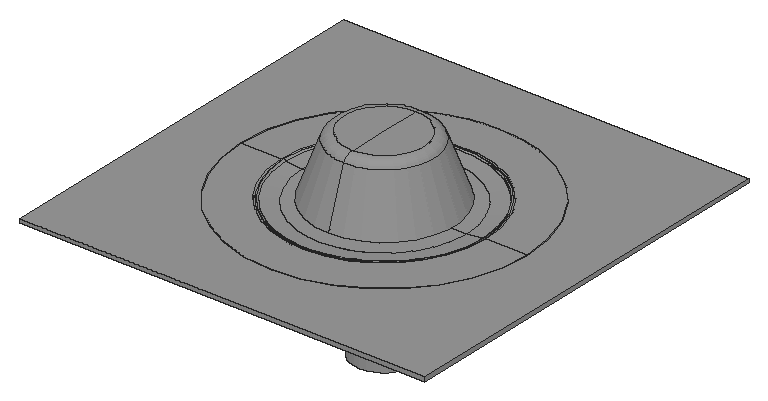
Revit family "HL_Dachablauf_HL62H-B-221103", category Instalační zařizovací předměty, Revit 2021
Family settings
  Kóta kulaté spojky = Použít průměr
  Typ dílu = Normální
  Číslo OmniClass = 23.70.50.21.24.14
  Nadpis OmniClass = Deck Waste Water Drains
  Založené na pracovní rovině = Ne
  Vždy vertikální = Ano
  Ořezat dutým tvarem při načtení = Ne
  Sdílené = Ne
  Bod výpočtu místnosti = Ano
Parameters (values of type "HL_Dachablauf_HL62H_7")
  Výchozí výška = 0 mm
  Výrobce = "HL Hutterer & Lechner GmbH"  # constant formula
  VOLUMENSTROM [instance] = 0.0 L/s
  URL = "http://www.hutterer-lechner.com/de/products/catalog/roof-drains/HL62H/7.aspx"
  RECHTSAUSKUNFT = "Urheberrechte (©), Designrechte und alle anderen Rechte am geistigen Eigentum, sind ausschließlich Eigentum der Firma HL Hutterer&Lechner GmbH. Änderungen sind nicht gestattet. Die Familien (Teile) sind mit Wasserzeichen geschützt."
  MATERIAL = "PP"
  LEISTUNG = "9,9 l/s"
  GEWICHT = "1,85 [kg]"
  EINLAUFROST = "Laubfangkorb d 145mm"
  EINBAUHÖHE = "100 mm"
  EAN = "9003076831623"
  DURCHMESSER = 75 mm
  DIMENSION = "DN75"
  Abdeckung Material [instance] = none
  Přípoj ventilace = no
  Přípoj odpadních dílů = yes
  Přípoj HW = no
  Přípoj CW = no
  Popis = "Dachabläufe"
  Model = "HL62H_7"
  Assembly Code = " "
  Komentáře k typům = "HL62H/7 Dachablauf DN75 mit Bitumenmanschette,"
  Keynote = "HL62H_7"
  Einbauhöhe [instance] = 0 mm
  G [instance] = 180.00°  # constant formula
  D [instance] = if(DURCHMESSER = 160 mm, 64.6 mm, 71.7 mm) + Einbauhöhe  # 71.7 mm
  C [instance] = if(Einbauhöhe - 68 mm < 0 mm, 0 mm, Einbauhöhe - 68 mm)  # 0 mm
  B [instance] = 100 mm  # constant formula
  A [instance] = if(B - 100 mm > 15 mm, B - 100 mm, 15 mm)  # 15 mm
Types (5, lengths in mm): name | URL | LEISTUNG | GEWICHT | EAN | DURCHMESSER | DIMENSION | Model | Komentáře k typům | Keynote | D
  (no name) | "http://www.hutterer-lechner.com/de/products/catalog/roof-drains/HL62H/7.aspx" | "9,9 l/s" | "1,85 [kg]" | "9003076831623" | 75 | "DN75" | "HL62H_7" | "HL62H/7 Dachablauf DN75 mit Bitumenmanschette," | "HL62H_7" | 71.7
  HL_Dachablauf_HL62H_1 | "http://www.hutterer-lechner.com/de/products/catalog/roof-drains/HL62H/1.aspx" | "10,7 l/s" | "1,83 [kg]" | "9003076801626" | 110 | "DN110" | "HL62H_1" | "HL62H/1 Dachablauf DN110 mit Bitumenmanschette," | "HL62H_1" | 71.7
  HL_Dachablauf_HL62H_2 | "http://www.hutterer-lechner.com/de/products/catalog/roof-drains/HL62H/2.aspx" | "14,0 l/s" | "1,83 [kg]" | "9003076811625" | 125 | "DN125" | "HL62H_2" | "HL62H/2 Dachablauf DN125 mit Bitumenmanschette," | "HL62H_2" | 71.7
  HL_Dachablauf_HL62H_5 | "http://www.hutterer-lechner.com/de/products/catalog/roof-drains/HL62H/5.aspx" | "14,1 l/s" | "1,86 [kg]" | "9003076821624" | 160 | "DN160" | "HL62H_5" | "HL62H/5 Dachablauf DN160 mit Bitumenmanschette," | "HL62H_5" | 64.6
  HL_Dachablauf_HL62H_7 | "http://www.hutterer-lechner.com/de/products/catalog/roof-drains/HL62H/7.aspx" | "9,9 l/s" | "1,85 [kg]" | "9003076831623" | 75 | "DN75" | "HL62H_7" | "HL62H/7 Dachablauf DN75 mit Bitumenmanschette," | "HL62H_7" | 71.7
Reference planes
  plane 1 "Center (Front/Back)": y = 0
  plane 2: z = 0
  plane 3 "Center (Left/Right)": x = 0
  plane 4: z = -100
  plane 5: z = 0
Lines and regions (mm)
  model lines, style "InvisibleLines"
    curve 1: line (0, 0, 0) -> (0, 0, 20)
  model lines, style "PlumbingFixtures", detail levels coarse+medium
    curve 2: line (0, 0, -100) -> (0, 0, -85)
    curve 3: line (0, 0, -85) -> (-85, 0, 0)
    curve 4: line (0, 0, -85) -> (85, 0, 0)
    curve 6: line (0, 0, -100) -> (0, 0, -171.7)
  reference lines, not visible
    curve 5: line (0, 0, -100) -> (0, 0, -171.7)
  symbolic lines, style "PlumbingFixtures", detail levels coarse+medium
    curve 7: line (-75, 75, 0) -> (75, 75, 0)
    curve 8: line (-75, -75, 0) -> (-75, 75, 0)
    curve 9: line (75, -75, 0) -> (-75, -75, 0)
    curve 10: line (75, 75, 0) -> (75, -75, 0)
    curve 11: line (-75, 75, 0) -> (-145.711, 145.711, 0)
    curve 12: line (75, 75, 0) -> (145.711, 145.711, 0)
    curve 13: line (-75, -75, 0) -> (-145.711, -145.711, 0)
    curve 14: line (75, -75, 0) -> (145.711, -145.711, 0)
  symbolic lines, style "PlumbingFixtures", not visible, detail levels coarse+medium
    curve 15: line (-75, 75, 0) -> (75, 75, 0)
    curve 16: line (-75, -75, 0) -> (-75, 75, 0)
    curve 17: line (75, -75, 0) -> (-75, -75, 0)
    curve 18: line (75, 75, 0) -> (75, -75, 0)
    curve 19: line (-75, 75, 0) -> (-145.711, 145.711, 0)
    curve 20: line (75, 75, 0) -> (145.711, 145.711, 0)
    curve 21: line (-75, -75, 0) -> (-145.711, -145.711, 0)
    curve 22: line (75, -75, 0) -> (145.711, -145.711, 0)
Text (mm)
  text "FLOOR" at (-162.344, 0, -10.979), in view "Drain Construction View"
Dimensions and locks
  "B": plane 2 to plane 4
  "Einbauhöhe": plane 2 to plane 5
  "A": curve 4 to plane 4
  "D": curve 5 to curve 5
  "D": curve 6 to curve 6
  locked: curve 4 to plane 3 "Center (Left/Right)" (angle 45.00°)
  locked: plane 3 "Center (Left/Right)" to curve 3 (angle 45.00°)
  "G": angle curve 5 to plane 3 "Center (Left/Right)"
  aligned and locked: level to plane 2
  aligned and locked: plane 2 to curve 4
  aligned and locked: plane 2 to curve 3
  aligned and locked: plane 4 to curve 5
  aligned and locked: plane 3 "Center (Left/Right)" to curve 5
  aligned and locked: plane 4 to curve 2
  aligned and locked: curve 6 to plane 3 "Center (Left/Right)"
  aligned and locked: curve 6 to plane 4
  aligned and locked: nested 1 to plane 5
  aligned and locked: plane 3 "Center (Left/Right)" to nested 1
  aligned and locked: plane 2 to nested 2
  aligned and locked: plane 3 "Center (Left/Right)" to nested 2
Automatic sketch dimensions
  curve 2 to plane 3 "Center (Left/Right)" = 0 mm
  curve 1 to plane 3 "Center (Left/Right)" = 0 mm
  curve 1 to level = 0 mm
  level to curve 1 = 20 mm
Nested families
  nested 1: "HL_Dachablaufkörper_HL62H" at (0, 0, -4.7), DURCHMESSER <- "DURCHMESSER", type "HL_Dachablaufkörper_HL62H"
    with L 65 mm, DURCHMESSER 75 mm
  nested 2: "HL_Zubehör_HL062.1E" at (0, 0, 0), type "HL_Zubehör_HL062.1E"
Connectors
  piping at (0, 0, -171.7), diameter 75, driven by "VOLUMENSTROM", driven by "DURCHMESSER"
    settings: on curve 5, index 1, connector inside diameter 609.6 mm, connector length 0 mm, flow factor 0, pipe flow 0.0 L/s, pressure drop 0.0 Pa, fitting loss kfactor 0, connector angle 0.00°, fixture units 0, engagement length 0 mm, angle of deflection 0.00°, flow configuration 1, flow direction 2, fitting loss method 0, system type 16, joint type 0, gender type 0, connector reference index -1, connector utility 0, adjustable connector yes, is connector primary yes, connector description ""
Definition of nested family "HL_Dachablaufkörper_HL62H"
  Parameters (values of type "HL_Dachablaufkörper_HL62H")
    Default Elevation = 0 mm
    Manufacturer = ""
    URL = ""
    Description = ""
    Model = ""
    L [instance] = if(DURCHMESSER = 160 mm, 57.9 mm, 65 mm)  # 65 mm
    Type Comments = ""
    DURCHMESSER [instance] = 75 mm
    Cost = 0
  Reference planes
    plane 1 "Střed (vpředu/vzadu)": y = 0
    plane 2: z = 0
    plane 3 "Střed (vlevo/vpravo)": x = 0
    plane 4: z = -102
  Forms (mm)
    Revolve 1, solid, detail levels fine
      sketch origin (0, 0, 0) x (1, 0, 0) y (0, 0, 1)
        loop
          line (-177, -3) -> (-127.89, -3) -> (-105.416, -11.18) -> (-85.028, -11.18) -> (-85.028, -29.56) -> (-81.899, -29.56) -> (-79.985, -31.474) -> (-79.985, -102) -> (0, -102) -> (0, -25.8) -> (-75.044, -25.8) -> (-75.044, -20.618) -> (-79.171, -20.618) -> (-79.171, -4.05) -> (-102.851, -4.05) -> (-126.892, 4.7) -> (-177, 4.7) -> (-177, -3)
        axis (0, 4.7) -> (0, -102)
      angle from 0 to 360
    Extrusion 2, solid, detail levels fine
      sketch origin (0, 0, 0) x (1, 0, 0) y (0, 1, 0)
        loop
          line (-250, 250) -> (-250, -250) -> (250, -250) -> (250, 250) -> (-250, 250)
        loop
          circle (0, 0) r 177
      from 0 to 4.7
    Revolve 3, solid, detail levels fine
      sketch origin (0, 0, 0) x (1, 0, 0) y (0, 0, 1)
        loop
          line (-123.627, 4.9) -> (-124.52, 4.9) -> (-123.816, 3.629) -> (-121.372, 2.756) -> (-101.806, 0.7) -> (-80.171, 0.7) -> (-80.171, -4.05) -> (-79.171, -4.05) -> (-79.171, 1.7) -> (-101.754, 1.7) -> (-122.045, 3.833) -> (-123.627, 4.9)
        axis (0, 4.9) -> (0, -4.05)
      angle from 0 to 360
    Extrusion 4, solid, detail levels fine
      sketch origin (-79.985, -1524, -102) x (-1, 0, 0) y (0, -1, 0)
        loop
          circle (-79.985, -1524) r 37.5
      from 0 to -65
  Dimensions and locks
    "L": plane 4 to Extrusion 4
    "DURCHMESSER": diameter of Extrusion 4 sketch curve
    aligned and locked: level to plane 2
  Automatic sketch dimensions
    plane 1 "Střed (vpředu/vzadu)" to Extrusion 2 sketch curve = 0 mm
    Extrusion 2 sketch curve to plane 3 "Střed (vlevo/vpravo)" = 0 mm
    Extrusion 2 sketch curve to plane 3 "Střed (vlevo/vpravo)" = 250 mm
    plane 3 "Střed (vlevo/vpravo)" to Extrusion 2 sketch curve = 250 mm
    plane 1 "Střed (vpředu/vzadu)" to Extrusion 2 sketch curve = 250 mm
    Extrusion 2 sketch curve to plane 1 "Střed (vpředu/vzadu)" = 250 mm
    Revolve 3 sketch curve to plane 3 "Střed (vlevo/vpravo)" = 0 mm
    Revolve 3 sketch curve to level = 4.05 mm
    Revolve 3 sketch curve to plane 3 "Střed (vlevo/vpravo)" = 79.171 mm
    Revolve 3 sketch curve to Revolve 3 sketch curve = 1 mm
    level to Revolve 3 sketch curve = 1.7 mm
    Revolve 3 sketch curve to Revolve 3 sketch curve = 21.583 mm
    Revolve 3 sketch curve to Revolve 3 sketch curve = 0.052 mm
    level to Revolve 3 sketch curve = 2.756 mm
    Revolve 3 sketch curve to Revolve 3 sketch curve = 19.618 mm
    level to Revolve 3 sketch curve = 3.833 mm
    Revolve 3 sketch curve to Revolve 3 sketch curve = 0.673 mm
    Revolve 3 sketch curve to Revolve 3 sketch curve = 1.582 mm
    level to Revolve 3 sketch curve = 3.629 mm
    Revolve 3 sketch curve to Revolve 3 sketch curve = 0.189 mm
    Revolve 3 sketch curve to Revolve 3 sketch curve = 0.893 mm
    level to Revolve 3 sketch curve = 0.7 mm
    Revolve 3 sketch curve to Revolve 3 sketch curve = 1.271 mm
    Revolve 3 sketch curve to level = 63.3 mm
    level to Revolve 3 sketch curve = 41.7 mm
    Revolve 1 sketch curve to plane 4 = 0 mm
    Revolve 1 sketch curve to plane 3 "Střed (vlevo/vpravo)" = 0 mm  (x2)
    Revolve 1 sketch curve to Revolve 1 sketch curve = 4.127 mm
    Revolve 1 sketch curve to level = 31.474 mm
    Revolve 1 sketch curve to level = 29.56 mm
    Revolve 1 sketch curve to Revolve 1 sketch curve = 1.914 mm
    Revolve 1 sketch curve to Revolve 1 sketch curve = 5.857 mm
    Revolve 1 sketch curve to level = 4.05 mm
    Revolve 1 sketch curve to Revolve 1 sketch curve = 17.824 mm
    Revolve 1 sketch curve to Revolve 1 sketch curve = 2.565 mm
    level to Revolve 1 sketch curve = 4.7 mm
    Revolve 1 sketch curve to Revolve 1 sketch curve = 24.04 mm
    Revolve 1 sketch curve to level = 3 mm
    Revolve 1 sketch curve to Revolve 1 sketch curve = 0.999 mm
    Revolve 1 sketch curve to Revolve 1 sketch curve = 49.11 mm
    Revolve 1 sketch curve to Revolve 1 sketch curve = 5.182 mm
    Revolve 1 sketch curve to Revolve 1 sketch curve = 7.13 mm
    Revolve 1 sketch curve to plane 4 = 198 mm
    level to Revolve 1 sketch curve = 295.621 mm
    Revolve 1 sketch curve to Revolve 1 sketch curve = 5.674 mm
    Revolve 1 sketch curve to plane 3 "Střed (vlevo/vpravo)" = 75.044 mm
    Revolve 1 sketch curve to Revolve 1 sketch curve = 5.043 mm
    plane 1 "Střed (vpředu/vzadu)" to Extrusion 4 sketch curve = 0 mm
    Extrusion 4 sketch curve to plane 3 "Střed (vlevo/vpravo)" = 0 mm
    radius of Extrusion 2 sketch curve = 177 mm
Definition of nested family "HL_Zubehör_HL062.1E"
  Parameters (values of type "HL_Zubehör_HL062.1E")
    Default Elevation = 0 mm
    Manufacturer = "HL Hutterer & Lechner GmbH"
    URL = "http://www.hutterer-lechner.com/de/products/catalog/roof-drains/HL062.1E.aspx"
    Abdeckung Material = none
    RECHTSAUSKUNFT = "Urheberrechte (©), Designrechte und alle anderen Rechte am geistigen Eigentum, sind ausschließlich Eigentum der Firma HL Hutterer&Lechner GmbH. Änderungen sind nicht gestattet. Die Familien (Teile) sind mit Wasserzeichen geschützt."
    Description = "Dachabläufe"
    Model = "HL062.1E"
    Type Comments = "HL062.1E, Laubfangkorb"
    Keynote = "HL062.1E"
    GEWICHT = "0,097 [kg]"
    Volumenstrom [instance] = 0.0 L/s
    EAN = "9003076006212"
    Cost = 0
  Values of the unnamed type that differ from the named types
    Manufacturer = ""
    URL = ""
    RECHTSAUSKUNFT = ""
    Description = ""
    Model = ""
    Type Comments = "HL062.1E, domed plastic grate"
    Keynote = ""
  Reference planes
    plane 1 "Střed (vpředu/vzadu)": y = 0
    plane 2: z = 0
    plane 3 "Střed (vlevo/vpravo)": x = 0
  Forms (mm)
    Revolve 1, solid, detail levels fine
      sketch origin (0, 0, 0) x (0, 1, 0) y (0, 0, 1)
        loop
          line (0, 75) -> (0, 60.2) -> (47.074, 60.2) -> (68.985, 0) -> (86.249, 0) -> (61.992, 66.646)
          arc (61.992, 66.646) -> (56.733, 72.731) -> (49.016, 75) r 14.255
          line (49.016, 75) -> (0, 75)
        axis (0, 75) -> (0, 0)
      angle from 0 to 360
    Extrusion 2, solid, detail levels fine
      sketch origin (0, 0, 0) x (0, 1, 0) y (1, 0, 0)
        loop
          circle (0, 0) r 78.587
        loop
          circle (0, 0) r 70.981
      from 0 to 16.7
    Extrusion 3, solid, detail levels fine
      sketch origin (0, 0, -16.7) x (-1, 0, 0) y (0, 1, 0)
        loop
          circle (0, 0) r 70
        loop
          circle (0, 0) r 74.546
      from 0 to 12.3
  Dimensions and locks
    aligned and locked: level to plane 2
